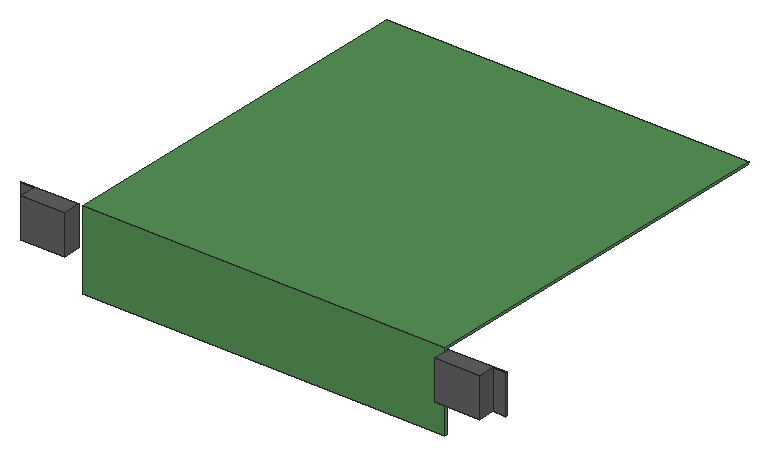
Revit family "Levelers_Kelley_HHC", category Specialty Equipment, host Floor, Revit 2023
Family settings
  Host = Floor
  Round Connector Dimension = Use Diameter
  Part Type = Normal
  Enable Cutting in Views = No
  Always vertical = Yes
  Cut with Voids When Loaded = Yes
  Maintain Annotation Orientation = No
  Shared = No
  Room Calculation Point = No
Parameters (values of type "7x8")
  URL = "http://kelleyentrematic.com/"
  Model = "HHC"
  Manufacturer = "Kelley Entrematic"
  Description = "Hydraulic Heavy Capacity Leveler"
  LipExtension = 0' - 0"
  PitWidth = 7' - 1"
  PitLength = 7' - 3"
  PitDepthR = PitDepth - 0' 0 1/2"  # 1' - 11 1/2"
  PitDepth = 2' - 0"
  LipLength = 1' - 6"
  Default Elevation = 0' - 0"
  Curb = 0' - 3"
  Capacity = "60/80k"
Types (24): name | LipExtension | PitWidth | PitLength
  6x6 | 0' - 0" | 6' - 1" | 5' - 3"
  6x8 | 0' - 0" | 6' - 1" | 7' - 3"
  6.5x6 | 0' - 0" | 6' - 7" | 5' - 3"
  6.5x8 | 0' - 0" | 6' - 7" | 7' - 3"
  7x6 | 0' - 0" | 7' - 1" | 5' - 3"
  7x8 | 0' - 0" | 7' - 1" | 7' - 3"
  6x10 | 0' - 0" | 6' - 1" | 9' - 3"
  6.5x10 | 0' - 0" | 6' - 7" | 9' - 3"
  7x10 | 0' - 0" | 7' - 1" | 9' - 3"
  6x10 Barrier Lip | 0' - 5" | 6' - 1" | 9' - 3"
  6.5x10 Barrier Lip | 0' - 5" | 6' - 7" | 9' - 3"
  7x10 Barrier Lip | 0' - 5" | 7' - 1" | 9' - 3"
  6x6 Barrier Lip | 0' - 5" | 6' - 1" | 5' - 3"
  6.5x6 Barrier Lip | 0' - 5" | 6' - 7" | 5' - 3"
  7x6 Barrier Lip | 0' - 5" | 7' - 1" | 5' - 3"
  6x8 Barrier Lip | 0' - 5" | 6' - 1" | 7' - 3"
  6.5x8 Barrier Lip | 0' - 5" | 6' - 7" | 7' - 3"
  7x8 Barrier Lip | 0' - 5" | 7' - 1" | 7' - 3"
  6.5x12 | 0' - 0" | 6' - 7" | 11' - 3"
  6.5x12 Barrier Lip | 0' - 0" | 6' - 7" | 11' - 3"
  6x12 | 0' - 0" | 6' - 1" | 11' - 3"
  6x12 Barrier Lip | 0' - 5" | 6' - 1" | 11' - 3"
  7x12 | 0' - 0" | 7' - 1" | 11' - 3"
  7x12 Barrier Lip | 0' - 5" | 7' - 1" | 11' - 3"
Reference planes (in)
  plane 1 "Center (Front/Back)": y = 0
  plane 2: z = 0
  plane 3 "Center (Left/Right)": x = 0
  plane 4 "Lip Width": y = -59.5
  plane 5 "pit right": x = 42.5
  plane 6 "Pit left": x = -42.5
  plane 7 "pit rear": y = 27
  plane 8 "curb angle left": x = -45.5
  plane 9: x = -41.5
  plane 10 "curb angle right": x = 45.5
  plane 11: x = 41.5
  plane 12 "curb angle rear": y = 30
  plane 13 "Curb angle - Front": y = -57
  plane 14 "Edge of Dock": y = -60
  plane 15: z = -0.5
  plane 16: z = -23.5
  plane 17: z = -24
  plane 18: y = 15
  plane 19: y = -48
  plane 20 "Lip Length": z = -18
  plane 21: x = 63.5
  plane 22: x = -63.5
  plane 23: z = -3
  plane 24: z = -27
  plane 25: z = 0
  plane 26: z = 0
  plane 27: z = -12
  plane 28: x = 14
  plane 29: x = -52.625
  plane 30: x = -55.625
  plane 31: y = -60.25
  plane 32: y = -64
  plane 33: x = 52.625
  plane 34: x = 55.625
  plane 35: z = -9
Forms (in)
  Extrusion 1, void
    sketch origin (0, 0, 0) x (0, 1, 0) y (0, 0, 1)
      loop
        line (27, 0) -> (-60, 0) -> (-60, -24) -> (-48, -24) -> (15, -23.5) -> (27, -23.5) -> (27, 0)
    from -42.5 to 42.5
  Extrusion 2, solid, material "Kelley Diamond"
    sketch origin (0, 0, 0) x (1, 0, 0) y (0, 1, 0)
      loop
        line (-41.5, 27) -> (-41.5, -60) -> (41.5, -60) -> (41.5, 27) -> (-41.5, 27)
    from -0.5 to 0
  Extrusion 3, solid, material "Kelley Diamond"
    sketch origin (0, 0, 0) x (1, 0, 0) y (0, 0, 1)
      loop
        line (-41.5, 0) -> (-41.5, -18) -> (41.5, -18) -> (41.5, 0) -> (-41.5, 0)
    from 59.5 to 60
  Extrusion 4, solid, material "BUMPER"
    sketch origin (0, 0, 0) x (-1, 0, 0) y (0, -1, 0)
      loop
        line (42.5, 60) -> (55.625, 60) -> (55.625, 60.25) -> (52.625, 60.25) -> (52.625, 64) -> (42.5, 64) -> (42.5, 60)
      loop
        line (-42.5, 60) -> (-42.5, 64) -> (-52.625, 64) -> (-52.625, 60.25) -> (-55.625, 60.25) -> (-55.625, 60) -> (-42.5, 60)
    from -9 to 0
Cuts and joins
  joined: Extrusion 2, Extrusion 3
Lines and regions (in)
  model lines
    curve 1: line (-45.5, 30, 0) -> (45.5, 30, 0)
    curve 2: line (45.5, 30, 0) -> (45.5, 27, 0)
    curve 3: line (45.5, 27, 0) -> (-45.5, 27, 0)
    curve 4: line (-45.5, 27, 0) -> (-45.5, 30, 0)
    curve 5: line (-45.5, 27, 0) -> (-45.5, -57, 0)
    curve 6: line (-42.5, -57, 0) -> (-42.5, 27, 0)
    curve 7: line (-42.5, -57, 0) -> (-63.5, -57, 0)
    curve 8: line (-63.5, -57, 0) -> (-63.5, -60, 0)
    curve 9: line (-63.5, -60, 0) -> (-42.5, -60, 0)
    curve 10: line (45.5, 27, 0) -> (45.5, -57, 0)
    curve 11: line (42.5, -57, 0) -> (42.5, 27, 0)
    curve 12: line (42.5, -60, 0) -> (63.5, -60, 0)
    curve 13: line (63.5, -60, 0) -> (63.5, -57, 0)
    curve 14: line (63.5, -57, 0) -> (42.5, -57, 0)
    curve 15: line (-63.5, -60, 0) -> (-63.5, -60, -3)
    curve 16: line (-63.5, -60, -3) -> (-42.5, -60, -3)
    curve 17: line (-42.5, -60, -3) -> (-42.5, -60, 0)
    curve 18: line (-45.5, -60, -3) -> (-45.5, -60, -27)
    curve 19: line (-45.5, -60, -24) -> (-42.5, -60, -24)
    curve 20: line (-45.5, -60, -27) -> (45.5, -60, -27)
    curve 21: line (45.5, -60, -27) -> (45.5, -60, -3)
    curve 22: line (42.5, -60, -24) -> (45.5, -60, -24)
    curve 23: line (42.5, -60, -24) -> (42.5, -60, 0)
    curve 24: line (42.5, -60, -3) -> (63.5, -60, -3)
    curve 25: line (63.5, -60, -3) -> (63.5, -60, 0)
    curve 26: line (-42.5, -60, -3) -> (-42.5, -60, -24)
    curve 27: line (-42.5, -60, -24) -> (42.5, -60, -24)
    curve 28: line (-42.5, -57, 0) -> (-42.5, -60, 0)
    curve 29: line (42.5, -57, 0) -> (42.5, -60, 0)
Dimensions and locks (in)
  equal spacing: host sketch curve, plane 1 "Center (Front/Back)", host sketch curve
  equal spacing: host sketch curve, plane 3 "Center (Left/Right)", host sketch curve
  host sketch curve to host sketch curve = 10' - 0"  (x2)
  equal spacing: plane 6 "Pit left", plane 3 "Center (Left/Right)", plane 5 "pit right"
  "PitWidth": plane 6 "Pit left" to plane 5 "pit right"
  "PitLength": plane 14 "Edge of Dock" to plane 7 "pit rear"
  "Curb": plane 8 "curb angle left" to plane 6 "Pit left"
  locked: plane 6 "Pit left" to plane 9 at 1
  locked: plane 11 to plane 5 "pit right" at 1
  "Curb": plane 5 "pit right" to plane 10 "curb angle right"
  "Curb": plane 7 "pit rear" to plane 12 "curb angle rear"
  "Curb": plane 14 "Edge of Dock" to plane 13 "Curb angle - Front"
  "PitDepthR": level to plane 16
  "PitDepth": level to plane 17
  locked: plane 7 "pit rear" to plane 18 at 12
  locked: plane 19 to plane 14 "Edge of Dock" at 12
  "LipLength": level to plane 20 "Lip Length"
  locked: plane 22 to plane 6 "Pit left" at 21
  locked: plane 5 "pit right" to plane 21 at 21
  "LipExtension": plane 26 to level
  locked: plane 24 to plane 17 at 3
  locked: level to plane 15 at 0.5
  locked: plane 14 "Edge of Dock" to plane 4 "Lip Width" at 0.5
  locked: plane 3 "Center (Left/Right)" to plane 28 at 14
  locked: level to plane 27 at 12
  locked: connector elem to plane 7 "pit rear" at 9
  locked: plane 16 to connector elem at 5
  locked: plane 31 to curve 9 at 0.25
  locked: plane 32 to curve 9 at 4
  locked: plane 29 to plane 6 "Pit left" at 10.125
  locked: plane 30 to plane 6 "Pit left" at 13.125
  locked: plane 5 "pit right" to plane 33 at 10.125
  locked: plane 5 "pit right" to plane 34 at 13.125
  locked: curve 9 to plane 35 at 9
  aligned and locked: level to plane 2
  aligned and locked: plane 14 "Edge of Dock" to host floor
  aligned and locked: plane 19 to Extrusion 1 sketch curve
  aligned and locked: plane 16 to Extrusion 1 sketch curve
  aligned and locked: Extrusion 1 sketch curve to plane 18
  aligned and locked: plane 17 to Extrusion 1 sketch curve
  aligned and locked: Extrusion 1 sketch curve to plane 14 "Edge of Dock"
  aligned and locked: Extrusion 1 to plane 6 "Pit left"
  aligned and locked: Extrusion 1 to plane 5 "pit right"
  aligned and locked: plane 7 "pit rear" to Extrusion 2 sketch curve
  aligned and locked: Extrusion 2 sketch curve to plane 9
  aligned and locked: Extrusion 2 sketch curve to plane 14 "Edge of Dock"
  aligned and locked: Extrusion 2 to plane 15
  aligned and locked: level to Extrusion 2
  aligned and locked: Extrusion 3 sketch curve to Extrusion 2
  aligned and locked: plane 20 "Lip Length" to Extrusion 3 sketch curve
  aligned and locked: Extrusion 3 sketch curve to plane 11
  aligned and locked: Extrusion 3 to plane 14 "Edge of Dock"
  aligned and locked: Extrusion 3 to plane 4 "Lip Width"
  aligned and locked: Extrusion 2 sketch curve to plane 11
  aligned and locked: curve 7 to plane 13 "Curb angle - Front"
  aligned and locked: curve 8 to plane 22
  aligned and locked: curve 5 to plane 8 "curb angle left"
  aligned and locked: plane 6 "Pit left" to curve 6
  aligned and locked: curve 3 to plane 7 "pit rear"
  aligned and locked: plane 12 "curb angle rear" to curve 1
  aligned and locked: curve 2 to plane 10 "curb angle right"
  aligned and locked: plane 5 "pit right" to curve 11
  aligned and locked: curve 10 to plane 10 "curb angle right"
  aligned and locked: curve 14 to plane 13 "Curb angle - Front"
  aligned and locked: plane 14 "Edge of Dock" to curve 12
  aligned and locked: curve 13 to plane 21
  aligned and locked: plane 24 to curve 18
  aligned and locked: curve 16 to plane 23
  aligned and locked: curve 15 to plane 22
  aligned and locked: plane 6 "Pit left" to curve 17
  aligned and locked: curve 22 to plane 5 "pit right"
  aligned and locked: curve 21 to plane 10 "curb angle right"
  aligned and locked: curve 22 to plane 17
  aligned and locked: curve 25 to plane 21
  aligned and locked: curve 19 to curve 27
  aligned and locked: curve 9 to plane 14 "Edge of Dock"
  aligned and locked: plane 26 to Extrusion 3 sketch curve
  aligned and locked: plane 23 to curve 24
  aligned and locked: plane 24 to curve 20
  aligned and locked: cut or joined group of Extrusion 2, Extrusion 3 to plane 7 "pit rear"
  aligned and locked: Extrusion 4 sketch curve to curve 9
  aligned and locked: Extrusion 4 sketch curve to plane 29
  aligned and locked: Extrusion 4 sketch curve to plane 31  (x2)
  aligned and locked: Extrusion 4 sketch curve to plane 30
  aligned and locked: plane 32 to Extrusion 4 sketch curve
  aligned and locked: Extrusion 4 sketch curve to plane 6 "Pit left"
  aligned and locked: plane 33 to Extrusion 4 sketch curve
  aligned and locked: Extrusion 4 sketch curve to plane 34
  aligned and locked: Extrusion 4 sketch curve to plane 32
  aligned and locked: Extrusion 4 sketch curve to curve 12
  aligned and locked: Extrusion 4 sketch curve to plane 5 "pit right"
  aligned and locked: plane 35 to Extrusion 4
  aligned and locked: level to Extrusion 4
Automatic sketch dimensions
  Extrusion 1 sketch curve to level = 0' - 0"
  Extrusion 1 sketch curve to plane 7 "pit rear" = 0' - 0"
  plane 8 "curb angle left" to curve 20 = 0' - 0"
  curve 25 to level = 0' - 0"
  plane 21 to curve 25 = 0' - 0"
  curve 27 to plane 17 = 0' - 0"
  curve 16 to plane 23 = 0' - 0"
  curve 23 to level = 0' - 0"
  curve 17 to level = 0' - 0"
  curve 15 to level = 0' - 0"
Connectors (in)
  electrical at (42.5, 18, -18.5)
    settings: on plane 5 "pit right", index 1, voltage 120 V, apparent load 0 VA, apparent load phase1 0 VA, apparent load phase2 0 VA, apparent load phase3 0 VA, power factor 1, load classification "Other", number of poles 1, system type 31, power factor state 1, is connector primary yes, connector utility no, sub classification motor no, connector description ""
